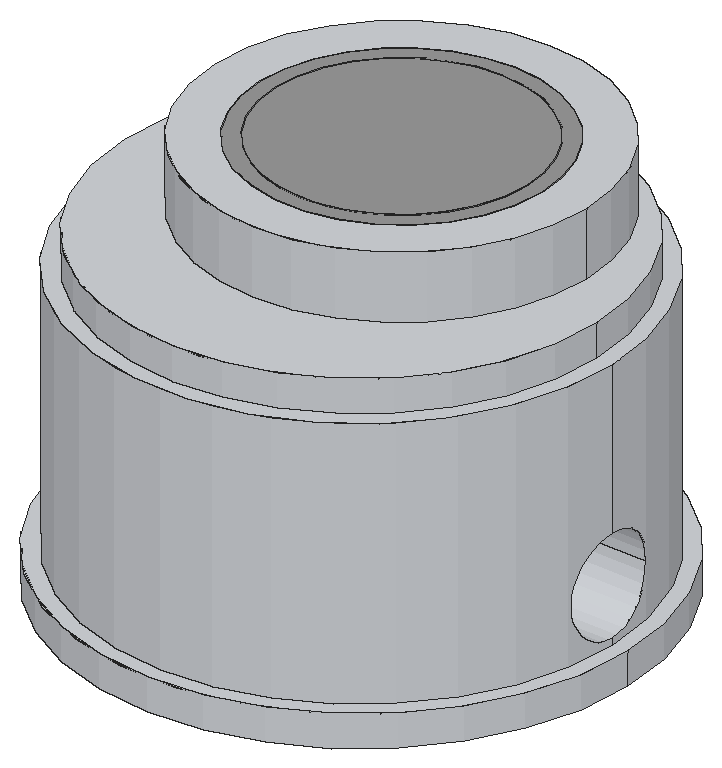
Revit family "（双通平角）1000圆形污水检查井", category 常规模型, Revit 2018
Family settings
  可将钢筋附着到主体 = 否
  圆形连接件大小 = 使用直径
  零件类型 = 标准
  基于工作平面 = 否
  总是垂直 = 是
  加载时剪切的空心 = 否
  共享 = 否
  房间计算点 = 否
Parameters (values of type "污水检查井")
  集水井高度 [instance] = 1200 mm
  附属物 [instance] = ""
  连接码 [instance] = ""
  起点埋深 [instance] = ""
  起点地面标高 [instance] = ""
  起始点号 [instance] = ""
  行X列 [instance] = ""
  终点埋深 [instance] = ""
  终点地面标高 [instance] = ""
  终止点号 [instance] = ""
  线型 [instance] = ""
  类型 [instance] = ""
  管线长度 [instance] = ""
  管径或断面尺寸 [instance] = ""
  电缆根数 [instance] = ""
  电压 [instance] = ""
  特征 [instance] = ""
  物探点号（管点编号） [instance] = ""
  流向 [instance] = ""
  材质 [instance] = none
  权属单位 [instance] = ""
  旋转线长度 = 150 mm
  新旧管线 [instance] = yes
  探测日期 [instance] = ""
  总孔数 [instance] = ""
  已用空孔 [instance] = ""
  左水管高度 [instance] = 270 mm
  左水管半径 [instance] = 150 mm
  套管尺寸（孔径） [instance] = ""
  备注 [instance] = ""
  埋设类型 [instance] = ""
  埋设日期 [instance] = ""
  右管拉伸长度 [instance] = 1800 mm
  右管半径 [instance] = 150 mm
  右管偏移角度 [instance] = 160.00°
  右水管高度 [instance] = 270 mm
  井筒高度 [instance] = 200 mm
  井筒 = 混凝土，现场浇注 - C15
  井盖及支座 = 钢 ASTM A242
  井板 = 混凝土，现场浇注 - C15
  井室高度 [instance] = 集水井高度 - 井筒高度 - 100 mm  # 900 mm
  井室 = 混凝土，现场浇注 - C15
  井基 = 混凝土，现场浇注 - C15
  Y坐标 [instance] = ""
  X坐标 [instance] = ""
  90度 = 30.00°
Types (18): name
  污水检查井W10
  污水检查井W9
  污水检查井W8
  污水检查井W7
  污水检查井W23
  污水检查井W22
  污水检查井W20
  污水检查井W19
  污水检查井W18
  污水检查井W17
  污水检查井W16
  污水检查井W15
  污水检查井W14
  污水检查井W13
  污水检查井W4
  污水检查井W3
  污水检查井W2
  污水检查井
Reference planes
  plane 1 "中心(前/后)": y = 0
  plane 2: z = 0
  plane 3 "中心(左/右)": x = 0
  plane 4: z = 100
  plane 5: z = 900
  plane 6: z = 1200
  plane 7: z = 1000
  plane 8: z = 270
  plane 9: z = 270
Forms (mm)
  Extrusion 1, solid
    sketch origin (0, 0, 0) x (1, 0, 0) y (0, 1, 0)
      loop
        circle (0, 0) r 850
    from 0 to 100
  Extrusion 2, solid
    sketch origin (0, 0, 0) x (1, 0, 0) y (0, 1, 0)
      loop
        circle (0, 0) r 800
      loop
        circle (0, 0) r 500
    from 100 to 900
  Extrusion 3, solid
    sketch origin (0, 0, 0) x (1, 0, 0) y (0, 1, 0)
      loop
        circle (0, 200) r 450
      loop
        circle (0, 0) r 750
    from 900 to 1000
  Extrusion 4, solid
    sketch origin (0, 160, 0) x (1, 0, 0) y (0, 1, 0)
      loop
        circle (0, 0) r 590
      loop
        circle (0, 0) r 450
    from 1000 to 1200
  Sweep 5, solid, material "钢 ASTM A242" <- "井盖及支座"
    path in 3D
      loop
        arc (450, 160, 1000) -> (0, -290, 1000) -> (-450, 160, 1000) r 450
        arc (-450, 160, 1000) -> (0, 610, 1000) -> (450, 160, 1000) r 450
    profile origin (0, 610, 1000) x (0, -1, 0) y (0, 0, -1)
      loop
        line (0, -150) -> (0, -200) -> (50, -200) -> (50, -185) -> (100, -185) -> (100, -170) -> (50, -170) -> (30, -150) -> (0, -150)
  Extrusion 6, solid, material "钢 ASTM A242" <- "井盖及支座"
    sketch origin (0, -160, 0) x (1, 0, 0) y (0, 1, 0)
      loop
        circle (0, 320) r 400
    from 1000 to 1200
  Revolve 7, void
    sketch origin (0, 1530.265, 270) x (0, 1, 0) y (-1, 0, 0)
      loop
        line (-1530.265, 920) -> (-1530.265, 0) -> (-1380.265, 0) -> (-1380.265, 920) -> (-1530.265, 920)
      axis (-1530.265, 0) -> (-1530.265, 920)
    angle from 0 to 360
  Revolve 8, void
    sketch origin (4267.2, -2744.198, 270) x (0, -1, 0) y (1, 0, 0)
      loop
        line (-2744.198, -3986.56) -> (-2744.198, -3267.213) -> (-2894.198, -3267.213) -> (-2894.198, -3986.56) -> (-2744.198, -3986.56)
      axis (-2744.198, -3986.56) -> (-2744.198, -3267.213)
    angle from 0 to 360
Cuts and joins
  Revolve 7, Revolve 8 cuts Extrusion 2
Lines and regions (mm)
  sketch lines
    curve 1: arc (-450, 160, 1000) -> (0, 610, 1000) -> (450, 160, 1000) r 450
    curve 2: arc (450, 160, 1000) -> (0, -290, 1000) -> (-450, 160, 1000) r 450
  reference lines
    curve 3: line (0, 0, 270) -> (-2900, 0, 270)
    curve 4: line (0, 0, 270) -> (2940, 0, 270)
Dimensions and locks
  "井室高度": plane 5 to plane 2
  plane 7 to plane 5 = 100 mm
  "左水管高度": plane 9 to level
  "左水管半径": Revolve 7 sketch curve to Revolve 7 sketch curve
  "右水管高度": plane 8 to plane 2
  "右管半径": Revolve 8 sketch curve to Revolve 8 sketch curve
  "井筒高度": plane 6 to plane 7
  Extrusion 6 to plane 6 = 0 mm
  Sweep 5 sketch curve to Sweep 5 sketch curve to Sweep 5 sketch curve = 15 mm, 15 mm
  Sweep 5 sketch curve to Sweep 5 sketch curve = 20 mm
  aligned and locked: level to plane 2
  aligned and locked: Extrusion 2 to plane 4
  aligned and locked: Extrusion 3 to plane 5
  aligned and locked: plane 5 to Extrusion 2
  aligned and locked: plane 7 to Extrusion 3
  aligned and locked: plane 6 to Extrusion 4
  aligned and locked: Extrusion 4 to plane 7
  aligned and locked: curve 4 to Revolve 8 sketch curve
  aligned and locked: Extrusion 6 to Extrusion 3
  aligned and locked: Extrusion 4 to Extrusion 6
  aligned and locked: plane 6 to Sweep 5 sketch curve
Automatic sketch dimensions
  Extrusion 4 sketch curve to Extrusion 4 sketch curve = 0 mm  (x2)
  Extrusion 4 sketch curve to plane 3 "中心(左/右)" = 0 mm
  Extrusion 4 sketch curve to plane 1 "中心(前/后)" = 160 mm
  Sweep 5 sketch curve to profile plane = 0 mm
  Sweep 5 sketch curve to profile plane = 30 mm
  Sweep 5 sketch curve to profile plane = 50 mm
  Sweep 5 sketch curve to Sweep 5 sketch curve = 0 mm
  Sweep 5 sketch curve to Sweep 5 sketch curve = 50 mm
  Extrusion 6 sketch curve to Extrusion 6 sketch curve = 0 mm  (x2)
  Extrusion 6 sketch curve to plane 3 "中心(左/右)" = 0 mm
  Extrusion 6 sketch curve to plane 1 "中心(前/后)" = 160 mm
  Extrusion 6 sketch curve to plane 3 "中心(左/右)" = 400 mm
  curve 3 to plane 1 "中心(前/后)" = 0 mm
  curve 3 to plane 3 "中心(左/右)" = 0 mm
  curve 3 to plane 3 "中心(左/右)" = 2900 mm
  plane 1 "中心(前/后)" to curve 4 = 0 mm
  curve 4 to plane 3 "中心(左/右)" = 0 mm
  plane 3 "中心(左/右)" to curve 4 = 2940 mm
  plane 1 "中心(前/后)" to Extrusion 1 sketch curve = 0 mm
  Extrusion 1 sketch curve to plane 3 "中心(左/右)" = 0 mm
  Extrusion 2 sketch curve to Extrusion 2 sketch curve = 0 mm  (x2)
  plane 1 "中心(前/后)" to Extrusion 2 sketch curve = 0 mm
  Extrusion 2 sketch curve to plane 3 "中心(左/右)" = 0 mm
  Extrusion 3 sketch curve to Extrusion 3 sketch curve = 0 mm  (x2)
  Extrusion 3 sketch curve to plane 3 "中心(左/右)" = 0 mm  (x2)
  plane 1 "中心(前/后)" to Extrusion 3 sketch curve = 0 mm
  Extrusion 3 sketch curve to plane 1 "中心(前/后)" = 200 mm
  Extrusion 3 sketch curve to plane 3 "中心(左/右)" = 450 mm
  plane 1 "中心(前/后)" to Revolve 7 sketch curve = 0 mm  (x2)
  Revolve 7 sketch curve to plane 3 "中心(左/右)" = 0 mm  (x2)
  Revolve 7 sketch curve to plane 3 "中心(左/右)" = 920 mm
  Revolve 7 sketch curve to Revolve 7 sketch curve = 1980 mm
  plane 1 "中心(前/后)" to Revolve 8 sketch curve = 0 mm
  Revolve 8 sketch curve to plane 3 "中心(左/右)" = 0 mm
  plane 3 "中心(左/右)" to Revolve 8 sketch curve = 280.64 mm
  Revolve 8 sketch curve to Revolve 8 sketch curve = 719.347 mm
  Revolve 8 sketch curve to Revolve 8 sketch curve = 1940.013 mm
  radius of Extrusion 4 sketch curve = 590 mm
  radius of Extrusion 4 sketch curve = 450 mm
  radius of Extrusion 1 sketch curve = 850 mm
  radius of Extrusion 2 sketch curve = 800 mm
  radius of Extrusion 2 sketch curve = 500 mm
  radius of Extrusion 3 sketch curve = 750 mm
